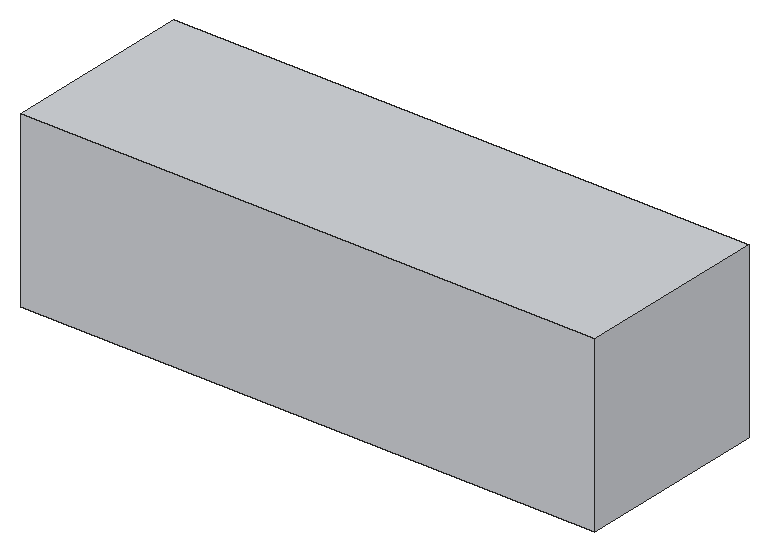
Revit family "KC Toe-Kick Heater 240V", category Mechanical Equipment, Revit 2027
Family settings
  Round Connector Dimension = Use Diameter
  Part Type = Normal
  Work Plane-Based = No
  Always vertical = Yes
  Cut with Voids When Loaded = No
  Maintain Annotation Orientation = No
  Shared = No
  Room Calculation Point = No
Parameters (values of type "500W 240V fan-forced, built-in thermostat")
  Default Elevation = 0 mm
Reference planes
  plane 1 "Center (Front/Back)": y = 0
  plane 2: z = 0
  plane 3 "Center (Left/Right)": x = 0
Forms (mm)
  Extrusion 1, solid
    sketch origin (0, 0, 0) x (1, 0, 0) y (0, 1, 0)
      loop
        line (-150, 0) -> (150, 0) -> (150, 100) -> (-150, 100) -> (-150, 0)
    from 0 to 90
Dimensions and locks
  aligned and locked: level to plane 2
Connectors
  electrical at (0, 50, 90)
    settings: on Extrusion 1, index 1, voltage 240 V, apparent load 0 VA, apparent load phase1 250 VA, apparent load phase2 250 VA, apparent load phase3 0 VA, power factor 1, load classification "Other", number of poles 2, system type 6, power factor state 1, is connector primary yes, connector utility no, sub classification motor no, connector description ""
